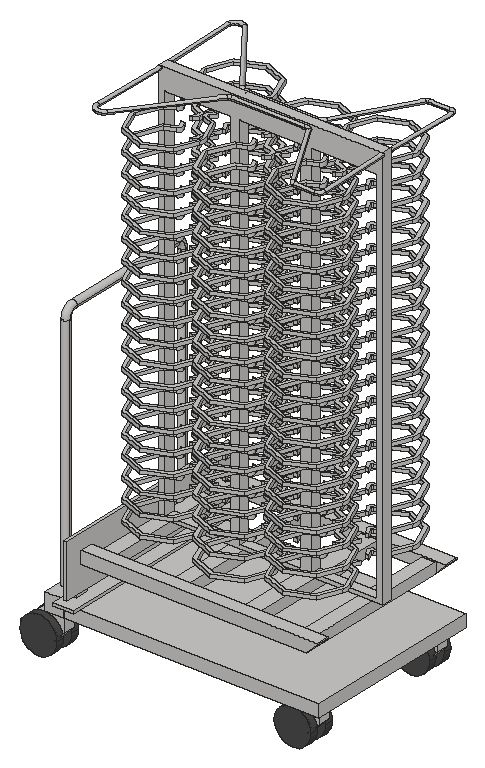
Revit family "QF_ELECTROLUXPROFESSIONAL_922764_TRBA116PL2021C", category Attrezzature speciali, Revit 2020 (continued)
Automatic sketch dimensions
  plane 14 to Extrusion 13 sketch curve = 12.573 mm
  Extrusion 13 sketch curve to Extrusion 13 sketch curve = 10.291 mm
  Extrusion 14 sketch curve to plane 29 = 0 mm
  plane 23 to Extrusion 14 sketch curve = 0 mm  (x2)
  Extrusion 14 sketch curve to plane 30 = 0 mm
  plane 30 to Extrusion 14 sketch curve = 1.038 mm
  plane 23 to Extrusion 14 sketch curve = 17.086 mm
  plane 30 to Extrusion 14 sketch curve = 38.719 mm
  Extrusion 14 sketch curve to Extrusion 14 sketch curve = 7.361 mm
  Extrusion 14 sketch curve to Extrusion 14 sketch curve = 9.865 mm
  plane 23 to Extrusion 14 sketch curve = 21.155 mm
  Extrusion 14 sketch curve to Extrusion 14 sketch curve = 10.657 mm
  Extrusion 14 sketch curve to Extrusion 14 sketch curve = 2.333 mm
  plane 23 to Extrusion 14 sketch curve = 28.29 mm
  Extrusion 14 sketch curve to Extrusion 14 sketch curve = 0.12 mm
  Extrusion 14 sketch curve to Extrusion 14 sketch curve = 1.997 mm
  Extrusion 14 sketch curve to Extrusion 14 sketch curve = 13.006 mm  (x2)
  Extrusion 14 sketch curve to plane 14 = 19.797 mm
  plane 6 to Extrusion 14 sketch curve = 48.776 mm
  Extrusion 14 sketch curve to Extrusion 14 sketch curve = 32.378 mm
  plane 29 to Extrusion 14 sketch curve = 0.677 mm
  plane 6 to Extrusion 14 sketch curve = 43.856 mm
  Extrusion 14 sketch curve to Extrusion 14 sketch curve = 8.823 mm  (x2)
  Extrusion 14 sketch curve to plane 14 = 14.327 mm
  Extrusion 14 sketch curve to Extrusion 14 sketch curve = 12.491 mm
  plane 6 to Extrusion 14 sketch curve = 12.706 mm
  plane 6 to Extrusion 14 sketch curve = 7.03 mm
  plane 6 to Extrusion 14 sketch curve = 6.775 mm
  plane 23 to Extrusion 14 sketch curve = 16.976 mm
  Extrusion 14 sketch curve to plane 30 = 40.033 mm
  Extrusion 14 sketch curve to Extrusion 14 sketch curve = 7.129 mm
  Extrusion 14 sketch curve to Extrusion 14 sketch curve = 9.801 mm
  plane 23 to Extrusion 14 sketch curve = 21.716 mm
  Extrusion 14 sketch curve to Extrusion 14 sketch curve = 10.269 mm
  plane 23 to Extrusion 14 sketch curve = 28.819 mm
  Extrusion 14 sketch curve to Extrusion 14 sketch curve = 2.378 mm
  Extrusion 14 sketch curve to Extrusion 14 sketch curve = 2.721 mm
  Extrusion 14 sketch curve to Extrusion 14 sketch curve = 1.609 mm
  Extrusion 14 sketch curve to plane 29 = 0.677 mm
  Extrusion 14 sketch curve to plane 30 = 81.177 mm
  Extrusion 14 sketch curve to Extrusion 14 sketch curve = 34.52 mm
  Extrusion 14 sketch curve to plane 14 = 23.461 mm
  Extrusion 14 sketch curve to Extrusion 14 sketch curve = 0.634 mm
  Extrusion 14 sketch curve to plane 14 = 12.859 mm
  Extrusion 14 sketch curve to Extrusion 14 sketch curve = 5.47 mm
  plane 23 to Extrusion 14 sketch curve = 44.113 mm
  Extrusion 14 sketch curve to Extrusion 14 sketch curve = 7.067 mm
  Extrusion 14 sketch curve to plane 29 = 1.889 mm
  Extrusion 14 sketch curve to Extrusion 14 sketch curve = 33.003 mm
  Extrusion 14 sketch curve to plane 29 = 16.292 mm
  Extrusion 14 sketch curve to Extrusion 14 sketch curve = 3.823 mm
  plane 29 to Extrusion 14 sketch curve = 14.321 mm
  Extrusion 14 sketch curve to Extrusion 14 sketch curve = 0.26 mm
  Extrusion 14 sketch curve to Extrusion 14 sketch curve = 0.931 mm
  Extrusion 14 sketch curve to Extrusion 14 sketch curve = 14.355 mm
  Extrusion 14 sketch curve to Extrusion 14 sketch curve = 8.956 mm
  plane 29 to Extrusion 14 sketch curve = 16.292 mm
  plane 14 to Extrusion 14 sketch curve = 12.573 mm
  Extrusion 14 sketch curve to Extrusion 14 sketch curve = 10.291 mm
  Extrusion 15 sketch curve to plane 31 = 0 mm
  plane 24 to Extrusion 15 sketch curve = 0 mm  (x2)
  Extrusion 15 sketch curve to plane 32 = 0 mm
  plane 32 to Extrusion 15 sketch curve = 1.038 mm
  Extrusion 15 sketch curve to plane 24 = 17.086 mm
  plane 32 to Extrusion 15 sketch curve = 38.719 mm
  Extrusion 15 sketch curve to Extrusion 15 sketch curve = 7.361 mm
  Extrusion 15 sketch curve to Extrusion 15 sketch curve = 9.865 mm
  Extrusion 15 sketch curve to plane 24 = 21.155 mm
  Extrusion 15 sketch curve to Extrusion 15 sketch curve = 10.657 mm
  Extrusion 15 sketch curve to Extrusion 15 sketch curve = 2.333 mm
  Extrusion 15 sketch curve to plane 24 = 28.29 mm
  Extrusion 15 sketch curve to Extrusion 15 sketch curve = 0.12 mm
  Extrusion 15 sketch curve to Extrusion 15 sketch curve = 1.997 mm
  Extrusion 15 sketch curve to Extrusion 15 sketch curve = 13.006 mm  (x2)
  plane 15 to Extrusion 15 sketch curve = 19.797 mm
  Extrusion 15 sketch curve to plane 6 = 41.061 mm
  Extrusion 15 sketch curve to Extrusion 15 sketch curve = 32.378 mm
  plane 31 to Extrusion 15 sketch curve = 0.677 mm
  Extrusion 15 sketch curve to plane 6 = 36.141 mm
  Extrusion 15 sketch curve to Extrusion 15 sketch curve = 8.823 mm  (x2)
  Extrusion 15 sketch curve to Extrusion 15 sketch curve = 12.491 mm
  Extrusion 15 sketch curve to plane 6 = 4.991 mm
  plane 6 to Extrusion 15 sketch curve = 0.685 mm
  plane 6 to Extrusion 15 sketch curve = 0.941 mm
  Extrusion 15 sketch curve to plane 24 = 16.976 mm
  Extrusion 15 sketch curve to plane 32 = 40.033 mm
  Extrusion 15 sketch curve to Extrusion 15 sketch curve = 7.129 mm
  Extrusion 15 sketch curve to Extrusion 15 sketch curve = 9.801 mm
  Extrusion 15 sketch curve to plane 24 = 21.716 mm
  Extrusion 15 sketch curve to Extrusion 15 sketch curve = 10.269 mm
  Extrusion 15 sketch curve to plane 24 = 28.819 mm
  Extrusion 15 sketch curve to Extrusion 15 sketch curve = 2.378 mm
  Extrusion 15 sketch curve to Extrusion 15 sketch curve = 2.721 mm
  Extrusion 15 sketch curve to Extrusion 15 sketch curve = 1.609 mm
  Extrusion 15 sketch curve to plane 31 = 0.677 mm
  Extrusion 15 sketch curve to plane 32 = 81.177 mm
  Extrusion 15 sketch curve to Extrusion 15 sketch curve = 34.52 mm
  plane 15 to Extrusion 15 sketch curve = 23.461 mm
  Extrusion 15 sketch curve to Extrusion 15 sketch curve = 0.634 mm
  plane 15 to Extrusion 15 sketch curve = 12.859 mm
  Extrusion 15 sketch curve to Extrusion 15 sketch curve = 5.47 mm  (x2)
  Extrusion 15 sketch curve to plane 24 = 44.113 mm
  Extrusion 15 sketch curve to Extrusion 15 sketch curve = 7.067 mm
  Extrusion 15 sketch curve to plane 31 = 1.889 mm
  Extrusion 15 sketch curve to Extrusion 15 sketch curve = 33.003 mm
  Extrusion 15 sketch curve to plane 31 = 16.292 mm
  Extrusion 15 sketch curve to Extrusion 15 sketch curve = 3.823 mm
  plane 31 to Extrusion 15 sketch curve = 14.321 mm
  Extrusion 15 sketch curve to Extrusion 15 sketch curve = 0.26 mm
  Extrusion 15 sketch curve to Extrusion 15 sketch curve = 0.931 mm
  Extrusion 15 sketch curve to Extrusion 15 sketch curve = 14.355 mm
  Extrusion 15 sketch curve to Extrusion 15 sketch curve = 8.956 mm
  plane 31 to Extrusion 15 sketch curve = 16.292 mm
  Extrusion 15 sketch curve to plane 15 = 12.573 mm
  Extrusion 15 sketch curve to Extrusion 15 sketch curve = 10.291 mm
  plane 33 to Extrusion 16 sketch curve = 0 mm
  plane 24 to Extrusion 16 sketch curve = 0 mm  (x2)
  Extrusion 16 sketch curve to plane 34 = 0 mm
  Extrusion 16 sketch curve to plane 34 = 1.038 mm
  plane 24 to Extrusion 16 sketch curve = 17.086 mm
  Extrusion 16 sketch curve to plane 34 = 38.719 mm
  Extrusion 16 sketch curve to Extrusion 16 sketch curve = 7.361 mm
  Extrusion 16 sketch curve to Extrusion 16 sketch curve = 9.865 mm
  plane 24 to Extrusion 16 sketch curve = 21.155 mm
  Extrusion 16 sketch curve to Extrusion 16 sketch curve = 10.657 mm
  Extrusion 16 sketch curve to Extrusion 16 sketch curve = 2.333 mm
  plane 24 to Extrusion 16 sketch curve = 28.29 mm
  Extrusion 16 sketch curve to Extrusion 16 sketch curve = 0.12 mm
  Extrusion 16 sketch curve to Extrusion 16 sketch curve = 1.997 mm
  Extrusion 16 sketch curve to Extrusion 16 sketch curve = 13.006 mm  (x2)
  Extrusion 16 sketch curve to plane 21 = 19.305 mm
  Extrusion 16 sketch curve to plane 21 = 17.105 mm
  Extrusion 16 sketch curve to plane 33 = 0.677 mm
  Extrusion 16 sketch curve to plane 21 = 14.385 mm
  Extrusion 16 sketch curve to plane 21 = 8.282 mm
  Extrusion 16 sketch curve to plane 21 = 6.814 mm
  plane 21 to Extrusion 16 sketch curve = 16.765 mm
  Extrusion 16 sketch curve to Extrusion 16 sketch curve = 5.676 mm
  plane 33 to Extrusion 16 sketch curve = 14.321 mm
  Extrusion 16 sketch curve to Extrusion 16 sketch curve = 5.931 mm
  plane 24 to Extrusion 16 sketch curve = 16.976 mm
  plane 34 to Extrusion 16 sketch curve = 40.033 mm
  Extrusion 16 sketch curve to Extrusion 16 sketch curve = 7.129 mm
  Extrusion 16 sketch curve to Extrusion 16 sketch curve = 9.801 mm
  plane 24 to Extrusion 16 sketch curve = 21.716 mm
  Extrusion 16 sketch curve to Extrusion 16 sketch curve = 10.269 mm
  plane 24 to Extrusion 16 sketch curve = 28.819 mm
  Extrusion 16 sketch curve to Extrusion 16 sketch curve = 2.378 mm
  Extrusion 16 sketch curve to Extrusion 16 sketch curve = 2.721 mm
  Extrusion 16 sketch curve to Extrusion 16 sketch curve = 1.609 mm
  plane 33 to Extrusion 16 sketch curve = 0.677 mm
  plane 34 to Extrusion 16 sketch curve = 81.177 mm
  Extrusion 16 sketch curve to Extrusion 16 sketch curve = 34.52 mm
  Extrusion 16 sketch curve to plane 15 = 23.461 mm
  Extrusion 16 sketch curve to Extrusion 16 sketch curve = 0.634 mm
  Extrusion 16 sketch curve to plane 15 = 12.859 mm
  Extrusion 16 sketch curve to Extrusion 16 sketch curve = 5.47 mm  (x2)
  plane 24 to Extrusion 16 sketch curve = 44.113 mm
  Extrusion 16 sketch curve to Extrusion 16 sketch curve = 7.067 mm
  plane 33 to Extrusion 16 sketch curve = 1.889 mm
  Extrusion 16 sketch curve to Extrusion 16 sketch curve = 33.003 mm
  plane 33 to Extrusion 16 sketch curve = 16.292 mm
  Extrusion 16 sketch curve to Extrusion 16 sketch curve = 3.823 mm
  Extrusion 16 sketch curve to plane 33 = 14.321 mm
  Extrusion 16 sketch curve to Extrusion 16 sketch curve = 0.26 mm
  Extrusion 16 sketch curve to Extrusion 16 sketch curve = 0.931 mm
  Extrusion 16 sketch curve to Extrusion 16 sketch curve = 14.355 mm
  Extrusion 16 sketch curve to Extrusion 16 sketch curve = 8.956 mm
  Extrusion 16 sketch curve to Extrusion 16 sketch curve = 8.823 mm
  Extrusion 16 sketch curve to plane 15 = 19.797 mm
  plane 15 to Extrusion 16 sketch curve = 12.573 mm
  Extrusion 16 sketch curve to Extrusion 16 sketch curve = 10.291 mm
  plane 35 to Extrusion 17 sketch curve = 0 mm
  plane 24 to Extrusion 17 sketch curve = 0 mm  (x2)
  Extrusion 17 sketch curve to plane 36 = 0 mm
  Extrusion 17 sketch curve to plane 36 = 1.038 mm
  plane 24 to Extrusion 17 sketch curve = 17.086 mm
  Extrusion 17 sketch curve to plane 36 = 38.719 mm
  Extrusion 17 sketch curve to Extrusion 17 sketch curve = 7.361 mm
  Extrusion 17 sketch curve to Extrusion 17 sketch curve = 9.865 mm
  plane 24 to Extrusion 17 sketch curve = 21.155 mm
  Extrusion 17 sketch curve to Extrusion 17 sketch curve = 10.657 mm
  Extrusion 17 sketch curve to Extrusion 17 sketch curve = 2.333 mm
  plane 24 to Extrusion 17 sketch curve = 28.29 mm
  Extrusion 17 sketch curve to Extrusion 17 sketch curve = 0.12 mm
  Extrusion 17 sketch curve to Extrusion 17 sketch curve = 1.997 mm
  Extrusion 17 sketch curve to Extrusion 17 sketch curve = 13.006 mm  (x2)
  Extrusion 17 sketch curve to plane 15 = 19.797 mm
  Extrusion 17 sketch curve to plane 6 = 48.776 mm
  Extrusion 17 sketch curve to Extrusion 17 sketch curve = 32.378 mm
  Extrusion 17 sketch curve to plane 35 = 0.677 mm
  Extrusion 17 sketch curve to plane 6 = 43.856 mm
  Extrusion 17 sketch curve to Extrusion 17 sketch curve = 8.823 mm  (x2)
  Extrusion 17 sketch curve to plane 15 = 14.327 mm
  Extrusion 17 sketch curve to Extrusion 17 sketch curve = 12.491 mm
  Extrusion 17 sketch curve to plane 6 = 12.706 mm
  Extrusion 17 sketch curve to plane 6 = 7.03 mm
  Extrusion 17 sketch curve to plane 6 = 6.775 mm
  plane 24 to Extrusion 17 sketch curve = 16.976 mm
  plane 36 to Extrusion 17 sketch curve = 40.033 mm
  Extrusion 17 sketch curve to Extrusion 17 sketch curve = 7.129 mm
  Extrusion 17 sketch curve to Extrusion 17 sketch curve = 9.801 mm
  plane 24 to Extrusion 17 sketch curve = 21.716 mm
  Extrusion 17 sketch curve to Extrusion 17 sketch curve = 10.269 mm
  plane 24 to Extrusion 17 sketch curve = 28.819 mm
  Extrusion 17 sketch curve to Extrusion 17 sketch curve = 2.378 mm
  Extrusion 17 sketch curve to Extrusion 17 sketch curve = 2.721 mm
  Extrusion 17 sketch curve to Extrusion 17 sketch curve = 1.609 mm
  plane 35 to Extrusion 17 sketch curve = 0.677 mm
  plane 36 to Extrusion 17 sketch curve = 81.177 mm
  Extrusion 17 sketch curve to Extrusion 17 sketch curve = 34.52 mm
  Extrusion 17 sketch curve to plane 15 = 23.461 mm
  Extrusion 17 sketch curve to Extrusion 17 sketch curve = 0.634 mm
  Extrusion 17 sketch curve to plane 15 = 12.859 mm
  Extrusion 17 sketch curve to Extrusion 17 sketch curve = 5.47 mm
  plane 24 to Extrusion 17 sketch curve = 44.113 mm
  Extrusion 17 sketch curve to Extrusion 17 sketch curve = 7.067 mm
  plane 35 to Extrusion 17 sketch curve = 1.889 mm
  Extrusion 17 sketch curve to Extrusion 17 sketch curve = 33.003 mm
  plane 35 to Extrusion 17 sketch curve = 16.292 mm
  Extrusion 17 sketch curve to Extrusion 17 sketch curve = 3.823 mm
  Extrusion 17 sketch curve to plane 35 = 14.321 mm
  Extrusion 17 sketch curve to Extrusion 17 sketch curve = 0.26 mm
  Extrusion 17 sketch curve to Extrusion 17 sketch curve = 0.931 mm
  Extrusion 17 sketch curve to Extrusion 17 sketch curve = 14.355 mm
  Extrusion 17 sketch curve to Extrusion 17 sketch curve = 8.956 mm
  Extrusion 17 sketch curve to plane 35 = 16.292 mm
  plane 15 to Extrusion 17 sketch curve = 12.573 mm
  Extrusion 17 sketch curve to Extrusion 17 sketch curve = 10.291 mm
  Extrusion 18 sketch curve to plane 37 = 0 mm
  plane 23 to Extrusion 18 sketch curve = 0 mm  (x2)
  Extrusion 18 sketch curve to plane 38 = 0 mm
  plane 38 to Extrusion 18 sketch curve = 1.038 mm
  plane 23 to Extrusion 18 sketch curve = 17.086 mm
  plane 38 to Extrusion 18 sketch curve = 38.719 mm
  Extrusion 18 sketch curve to Extrusion 18 sketch curve = 7.361 mm
  Extrusion 18 sketch curve to Extrusion 18 sketch curve = 9.865 mm
  plane 23 to Extrusion 18 sketch curve = 21.155 mm
  Extrusion 18 sketch curve to Extrusion 18 sketch curve = 10.657 mm
  Extrusion 18 sketch curve to Extrusion 18 sketch curve = 2.333 mm
  plane 23 to Extrusion 18 sketch curve = 28.29 mm
  Extrusion 18 sketch curve to Extrusion 18 sketch curve = 0.12 mm
  Extrusion 18 sketch curve to Extrusion 18 sketch curve = 1.997 mm
  Extrusion 18 sketch curve to Extrusion 18 sketch curve = 13.006 mm  (x2)
  plane 21 to Extrusion 18 sketch curve = 19.305 mm
  plane 21 to Extrusion 18 sketch curve = 17.105 mm
  plane 37 to Extrusion 18 sketch curve = 0.677 mm
  plane 21 to Extrusion 18 sketch curve = 14.385 mm
  plane 21 to Extrusion 18 sketch curve = 8.282 mm
  plane 21 to Extrusion 18 sketch curve = 6.814 mm
  Extrusion 18 sketch curve to plane 21 = 16.765 mm
  Extrusion 18 sketch curve to Extrusion 18 sketch curve = 5.676 mm
  Extrusion 18 sketch curve to plane 37 = 14.321 mm
  Extrusion 18 sketch curve to Extrusion 18 sketch curve = 5.931 mm
  plane 23 to Extrusion 18 sketch curve = 16.976 mm
  Extrusion 18 sketch curve to plane 38 = 40.033 mm
  Extrusion 18 sketch curve to Extrusion 18 sketch curve = 7.129 mm
  Extrusion 18 sketch curve to Extrusion 18 sketch curve = 9.801 mm
  plane 23 to Extrusion 18 sketch curve = 21.716 mm
  Extrusion 18 sketch curve to Extrusion 18 sketch curve = 10.269 mm
  plane 23 to Extrusion 18 sketch curve = 28.819 mm
  Extrusion 18 sketch curve to Extrusion 18 sketch curve = 2.378 mm
  Extrusion 18 sketch curve to Extrusion 18 sketch curve = 2.721 mm
  Extrusion 18 sketch curve to Extrusion 18 sketch curve = 1.609 mm
  Extrusion 18 sketch curve to plane 37 = 0.677 mm
  Extrusion 18 sketch curve to plane 38 = 81.177 mm
  Extrusion 18 sketch curve to Extrusion 18 sketch curve = 34.52 mm
  Extrusion 18 sketch curve to plane 14 = 23.461 mm
  Extrusion 18 sketch curve to Extrusion 18 sketch curve = 0.634 mm
  Extrusion 18 sketch curve to plane 14 = 12.859 mm
  Extrusion 18 sketch curve to Extrusion 18 sketch curve = 5.47 mm  (x2)
  plane 23 to Extrusion 18 sketch curve = 44.113 mm
  Extrusion 18 sketch curve to Extrusion 18 sketch curve = 7.067 mm
  Extrusion 18 sketch curve to plane 37 = 1.889 mm
  Extrusion 18 sketch curve to Extrusion 18 sketch curve = 33.003 mm
  Extrusion 18 sketch curve to plane 37 = 16.292 mm
  Extrusion 18 sketch curve to Extrusion 18 sketch curve = 3.823 mm
  plane 37 to Extrusion 18 sketch curve = 14.321 mm
  Extrusion 18 sketch curve to Extrusion 18 sketch curve = 0.26 mm
  Extrusion 18 sketch curve to Extrusion 18 sketch curve = 0.931 mm
  Extrusion 18 sketch curve to Extrusion 18 sketch curve = 14.355 mm
  Extrusion 18 sketch curve to Extrusion 18 sketch curve = 8.956 mm
  Extrusion 18 sketch curve to Extrusion 18 sketch curve = 8.823 mm
  Extrusion 18 sketch curve to plane 14 = 19.797 mm
  plane 14 to Extrusion 18 sketch curve = 12.573 mm
  Extrusion 18 sketch curve to Extrusion 18 sketch curve = 10.291 mm
  Extrusion 19 sketch curve to plane 39 = 0 mm
  plane 23 to Extrusion 19 sketch curve = 0 mm  (x2)
  Extrusion 19 sketch curve to plane 40 = 0 mm
  plane 40 to Extrusion 19 sketch curve = 1.038 mm
  plane 23 to Extrusion 19 sketch curve = 17.086 mm
  plane 40 to Extrusion 19 sketch curve = 38.719 mm
  Extrusion 19 sketch curve to Extrusion 19 sketch curve = 7.361 mm
  Extrusion 19 sketch curve to Extrusion 19 sketch curve = 9.865 mm
  plane 23 to Extrusion 19 sketch curve = 21.155 mm
  Extrusion 19 sketch curve to Extrusion 19 sketch curve = 10.657 mm
  Extrusion 19 sketch curve to Extrusion 19 sketch curve = 2.333 mm
  plane 23 to Extrusion 19 sketch curve = 28.29 mm
  Extrusion 19 sketch curve to Extrusion 19 sketch curve = 0.12 mm
  Extrusion 19 sketch curve to Extrusion 19 sketch curve = 1.997 mm
  Extrusion 19 sketch curve to Extrusion 19 sketch curve = 13.006 mm  (x2)
  Extrusion 19 sketch curve to plane 14 = 19.797 mm
  plane 6 to Extrusion 19 sketch curve = 48.776 mm
  Extrusion 19 sketch curve to Extrusion 19 sketch curve = 32.378 mm
  plane 39 to Extrusion 19 sketch curve = 0.677 mm
  plane 6 to Extrusion 19 sketch curve = 43.856 mm
  Extrusion 19 sketch curve to Extrusion 19 sketch curve = 8.823 mm  (x2)
  Extrusion 19 sketch curve to plane 14 = 14.327 mm
  Extrusion 19 sketch curve to Extrusion 19 sketch curve = 12.491 mm
  plane 6 to Extrusion 19 sketch curve = 12.706 mm
  plane 6 to Extrusion 19 sketch curve = 7.03 mm
  plane 6 to Extrusion 19 sketch curve = 6.775 mm
  plane 23 to Extrusion 19 sketch curve = 16.976 mm
  Extrusion 19 sketch curve to plane 40 = 40.033 mm
  Extrusion 19 sketch curve to Extrusion 19 sketch curve = 7.129 mm
  Extrusion 19 sketch curve to Extrusion 19 sketch curve = 9.801 mm
  plane 23 to Extrusion 19 sketch curve = 21.716 mm
  Extrusion 19 sketch curve to Extrusion 19 sketch curve = 10.269 mm
  plane 23 to Extrusion 19 sketch curve = 28.819 mm
  Extrusion 19 sketch curve to Extrusion 19 sketch curve = 2.378 mm
  Extrusion 19 sketch curve to Extrusion 19 sketch curve = 2.721 mm
  Extrusion 19 sketch curve to Extrusion 19 sketch curve = 1.609 mm
  Extrusion 19 sketch curve to plane 39 = 0.677 mm
  Extrusion 19 sketch curve to plane 40 = 81.177 mm
  Extrusion 19 sketch curve to Extrusion 19 sketch curve = 34.52 mm
  Extrusion 19 sketch curve to plane 14 = 23.461 mm
  Extrusion 19 sketch curve to Extrusion 19 sketch curve = 0.634 mm
  Extrusion 19 sketch curve to plane 14 = 12.859 mm
  Extrusion 19 sketch curve to Extrusion 19 sketch curve = 5.47 mm
  plane 23 to Extrusion 19 sketch curve = 44.113 mm
  Extrusion 19 sketch curve to Extrusion 19 sketch curve = 7.067 mm
  Extrusion 19 sketch curve to plane 39 = 1.889 mm
  Extrusion 19 sketch curve to Extrusion 19 sketch curve = 33.003 mm
  Extrusion 19 sketch curve to plane 39 = 16.292 mm
  Extrusion 19 sketch curve to Extrusion 19 sketch curve = 3.823 mm
  plane 39 to Extrusion 19 sketch curve = 14.321 mm
  Extrusion 19 sketch curve to Extrusion 19 sketch curve = 0.26 mm
  Extrusion 19 sketch curve to Extrusion 19 sketch curve = 0.931 mm
  Extrusion 19 sketch curve to Extrusion 19 sketch curve = 14.355 mm
  Extrusion 19 sketch curve to Extrusion 19 sketch curve = 8.956 mm
  plane 39 to Extrusion 19 sketch curve = 16.292 mm
  plane 14 to Extrusion 19 sketch curve = 12.573 mm
  Extrusion 19 sketch curve to Extrusion 19 sketch curve = 10.291 mm
  plane 41 to Extrusion 20 sketch curve = 0 mm
  plane 24 to Extrusion 20 sketch curve = 0 mm  (x2)
  Extrusion 20 sketch curve to plane 42 = 0 mm
  Extrusion 20 sketch curve to plane 42 = 1.038 mm
  plane 24 to Extrusion 20 sketch curve = 17.086 mm
  Extrusion 20 sketch curve to plane 42 = 38.719 mm
  Extrusion 20 sketch curve to Extrusion 20 sketch curve = 7.361 mm
  Extrusion 20 sketch curve to Extrusion 20 sketch curve = 9.865 mm
  plane 24 to Extrusion 20 sketch curve = 21.155 mm
  Extrusion 20 sketch curve to Extrusion 20 sketch curve = 10.657 mm
  Extrusion 20 sketch curve to Extrusion 20 sketch curve = 2.333 mm
  plane 24 to Extrusion 20 sketch curve = 28.29 mm
  Extrusion 20 sketch curve to Extrusion 20 sketch curve = 0.12 mm
  Extrusion 20 sketch curve to Extrusion 20 sketch curve = 1.997 mm
  Extrusion 20 sketch curve to Extrusion 20 sketch curve = 13.006 mm  (x2)
  Extrusion 20 sketch curve to plane 21 = 19.305 mm
  Extrusion 20 sketch curve to plane 21 = 17.105 mm
  Extrusion 20 sketch curve to plane 41 = 0.677 mm
  Extrusion 20 sketch curve to plane 21 = 14.385 mm
  Extrusion 20 sketch curve to plane 21 = 8.282 mm
  Extrusion 20 sketch curve to plane 21 = 6.814 mm
  plane 21 to Extrusion 20 sketch curve = 16.765 mm
  Extrusion 20 sketch curve to Extrusion 20 sketch curve = 5.676 mm
  plane 41 to Extrusion 20 sketch curve = 14.321 mm
  Extrusion 20 sketch curve to Extrusion 20 sketch curve = 5.931 mm
  plane 24 to Extrusion 20 sketch curve = 16.976 mm
  plane 42 to Extrusion 20 sketch curve = 40.033 mm
  Extrusion 20 sketch curve to Extrusion 20 sketch curve = 7.129 mm
  Extrusion 20 sketch curve to Extrusion 20 sketch curve = 9.801 mm
  plane 24 to Extrusion 20 sketch curve = 21.716 mm
  Extrusion 20 sketch curve to Extrusion 20 sketch curve = 10.269 mm
  plane 24 to Extrusion 20 sketch curve = 28.819 mm
  Extrusion 20 sketch curve to Extrusion 20 sketch curve = 2.378 mm
  Extrusion 20 sketch curve to Extrusion 20 sketch curve = 2.721 mm
  Extrusion 20 sketch curve to Extrusion 20 sketch curve = 1.609 mm
  plane 41 to Extrusion 20 sketch curve = 0.677 mm
  plane 42 to Extrusion 20 sketch curve = 81.177 mm
  Extrusion 20 sketch curve to Extrusion 20 sketch curve = 34.52 mm
  Extrusion 20 sketch curve to plane 15 = 23.461 mm
  Extrusion 20 sketch curve to Extrusion 20 sketch curve = 0.634 mm
  Extrusion 20 sketch curve to plane 15 = 12.859 mm
  Extrusion 20 sketch curve to Extrusion 20 sketch curve = 5.47 mm  (x2)
  plane 24 to Extrusion 20 sketch curve = 44.113 mm
  Extrusion 20 sketch curve to Extrusion 20 sketch curve = 7.067 mm
  plane 41 to Extrusion 20 sketch curve = 1.889 mm
  Extrusion 20 sketch curve to Extrusion 20 sketch curve = 33.003 mm
  plane 41 to Extrusion 20 sketch curve = 16.292 mm
  Extrusion 20 sketch curve to Extrusion 20 sketch curve = 3.823 mm
  Extrusion 20 sketch curve to plane 41 = 14.321 mm
  Extrusion 20 sketch curve to Extrusion 20 sketch curve = 0.26 mm
  Extrusion 20 sketch curve to Extrusion 20 sketch curve = 0.931 mm
  Extrusion 20 sketch curve to Extrusion 20 sketch curve = 14.355 mm
  Extrusion 20 sketch curve to Extrusion 20 sketch curve = 8.956 mm
  Extrusion 20 sketch curve to Extrusion 20 sketch curve = 8.823 mm
  Extrusion 20 sketch curve to plane 15 = 19.797 mm
  plane 15 to Extrusion 20 sketch curve = 12.573 mm
  Extrusion 20 sketch curve to Extrusion 20 sketch curve = 10.291 mm
  plane 43 to Extrusion 21 sketch curve = 0 mm
  plane 24 to Extrusion 21 sketch curve = 0 mm  (x2)
  Extrusion 21 sketch curve to plane 44 = 0 mm
  Extrusion 21 sketch curve to plane 44 = 1.038 mm
  plane 24 to Extrusion 21 sketch curve = 17.086 mm
  Extrusion 21 sketch curve to plane 44 = 38.719 mm
  Extrusion 21 sketch curve to Extrusion 21 sketch curve = 7.361 mm
  Extrusion 21 sketch curve to Extrusion 21 sketch curve = 9.865 mm
  plane 24 to Extrusion 21 sketch curve = 21.155 mm
  Extrusion 21 sketch curve to Extrusion 21 sketch curve = 10.657 mm
  Extrusion 21 sketch curve to Extrusion 21 sketch curve = 2.333 mm
  plane 24 to Extrusion 21 sketch curve = 28.29 mm
  Extrusion 21 sketch curve to Extrusion 21 sketch curve = 0.12 mm
  Extrusion 21 sketch curve to Extrusion 21 sketch curve = 1.997 mm
  Extrusion 21 sketch curve to Extrusion 21 sketch curve = 13.006 mm  (x2)
  Extrusion 21 sketch curve to plane 15 = 19.797 mm
  Extrusion 21 sketch curve to plane 6 = 48.776 mm
  Extrusion 21 sketch curve to Extrusion 21 sketch curve = 32.378 mm
  Extrusion 21 sketch curve to plane 43 = 0.677 mm
  Extrusion 21 sketch curve to plane 6 = 43.856 mm
  Extrusion 21 sketch curve to Extrusion 21 sketch curve = 8.823 mm  (x2)
  Extrusion 21 sketch curve to plane 15 = 14.327 mm
  Extrusion 21 sketch curve to Extrusion 21 sketch curve = 12.491 mm
  Extrusion 21 sketch curve to plane 6 = 12.706 mm
  Extrusion 21 sketch curve to plane 6 = 7.03 mm
  Extrusion 21 sketch curve to plane 6 = 6.775 mm
  plane 24 to Extrusion 21 sketch curve = 16.976 mm
  plane 44 to Extrusion 21 sketch curve = 40.033 mm
  Extrusion 21 sketch curve to Extrusion 21 sketch curve = 7.129 mm
  Extrusion 21 sketch curve to Extrusion 21 sketch curve = 9.801 mm
  plane 24 to Extrusion 21 sketch curve = 21.716 mm
  Extrusion 21 sketch curve to Extrusion 21 sketch curve = 10.269 mm
  plane 24 to Extrusion 21 sketch curve = 28.819 mm
  Extrusion 21 sketch curve to Extrusion 21 sketch curve = 2.378 mm
  Extrusion 21 sketch curve to Extrusion 21 sketch curve = 2.721 mm
  Extrusion 21 sketch curve to Extrusion 21 sketch curve = 1.609 mm
  plane 43 to Extrusion 21 sketch curve = 0.677 mm
  plane 44 to Extrusion 21 sketch curve = 81.177 mm
  Extrusion 21 sketch curve to Extrusion 21 sketch curve = 34.52 mm
  Extrusion 21 sketch curve to plane 15 = 23.461 mm
  Extrusion 21 sketch curve to Extrusion 21 sketch curve = 0.634 mm
  Extrusion 21 sketch curve to plane 15 = 12.859 mm
  Extrusion 21 sketch curve to Extrusion 21 sketch curve = 5.47 mm
  plane 24 to Extrusion 21 sketch curve = 44.113 mm
  Extrusion 21 sketch curve to Extrusion 21 sketch curve = 7.067 mm
  plane 43 to Extrusion 21 sketch curve = 1.889 mm
  Extrusion 21 sketch curve to Extrusion 21 sketch curve = 33.003 mm
  plane 43 to Extrusion 21 sketch curve = 16.292 mm
  Extrusion 21 sketch curve to Extrusion 21 sketch curve = 3.823 mm
  Extrusion 21 sketch curve to plane 43 = 14.321 mm
  Extrusion 21 sketch curve to Extrusion 21 sketch curve = 0.26 mm
  Extrusion 21 sketch curve to Extrusion 21 sketch curve = 0.931 mm
  Extrusion 21 sketch curve to Extrusion 21 sketch curve = 14.355 mm
  Extrusion 21 sketch curve to Extrusion 21 sketch curve = 8.956 mm
  Extrusion 21 sketch curve to plane 43 = 16.292 mm
  plane 15 to Extrusion 21 sketch curve = 12.573 mm
  Extrusion 21 sketch curve to Extrusion 21 sketch curve = 10.291 mm
  Extrusion 22 sketch curve to plane 45 = 0 mm
  plane 23 to Extrusion 22 sketch curve = 0 mm  (x2)
  Extrusion 22 sketch curve to plane 46 = 0 mm
  plane 46 to Extrusion 22 sketch curve = 1.038 mm
  plane 23 to Extrusion 22 sketch curve = 17.086 mm
  plane 46 to Extrusion 22 sketch curve = 38.719 mm
  Extrusion 22 sketch curve to Extrusion 22 sketch curve = 7.361 mm
  Extrusion 22 sketch curve to Extrusion 22 sketch curve = 9.865 mm
  plane 23 to Extrusion 22 sketch curve = 21.155 mm
  Extrusion 22 sketch curve to Extrusion 22 sketch curve = 10.657 mm
  Extrusion 22 sketch curve to Extrusion 22 sketch curve = 2.333 mm
  plane 23 to Extrusion 22 sketch curve = 28.29 mm
  Extrusion 22 sketch curve to Extrusion 22 sketch curve = 0.12 mm
  Extrusion 22 sketch curve to Extrusion 22 sketch curve = 1.997 mm
  Extrusion 22 sketch curve to Extrusion 22 sketch curve = 13.006 mm  (x2)
  plane 21 to Extrusion 22 sketch curve = 19.305 mm
  plane 21 to Extrusion 22 sketch curve = 17.105 mm
  plane 45 to Extrusion 22 sketch curve = 0.677 mm
  plane 21 to Extrusion 22 sketch curve = 14.385 mm
  plane 21 to Extrusion 22 sketch curve = 8.282 mm
  plane 21 to Extrusion 22 sketch curve = 6.814 mm
  Extrusion 22 sketch curve to plane 21 = 16.765 mm
  Extrusion 22 sketch curve to Extrusion 22 sketch curve = 5.676 mm
  Extrusion 22 sketch curve to plane 45 = 14.321 mm
  Extrusion 22 sketch curve to Extrusion 22 sketch curve = 5.931 mm
  plane 23 to Extrusion 22 sketch curve = 16.976 mm
  Extrusion 22 sketch curve to plane 46 = 40.033 mm
  Extrusion 22 sketch curve to Extrusion 22 sketch curve = 7.129 mm
  Extrusion 22 sketch curve to Extrusion 22 sketch curve = 9.801 mm
  plane 23 to Extrusion 22 sketch curve = 21.716 mm
  Extrusion 22 sketch curve to Extrusion 22 sketch curve = 10.269 mm
  plane 23 to Extrusion 22 sketch curve = 28.819 mm
  Extrusion 22 sketch curve to Extrusion 22 sketch curve = 2.378 mm
  Extrusion 22 sketch curve to Extrusion 22 sketch curve = 2.721 mm
  Extrusion 22 sketch curve to Extrusion 22 sketch curve = 1.609 mm
  Extrusion 22 sketch curve to plane 45 = 0.677 mm
  Extrusion 22 sketch curve to plane 46 = 81.177 mm
  Extrusion 22 sketch curve to Extrusion 22 sketch curve = 34.52 mm
  Extrusion 22 sketch curve to plane 14 = 23.461 mm
  Extrusion 22 sketch curve to Extrusion 22 sketch curve = 0.634 mm
  Extrusion 22 sketch curve to plane 14 = 12.859 mm
  Extrusion 22 sketch curve to Extrusion 22 sketch curve = 5.47 mm  (x2)
  plane 23 to Extrusion 22 sketch curve = 44.113 mm
  Extrusion 22 sketch curve to Extrusion 22 sketch curve = 7.067 mm
  Extrusion 22 sketch curve to plane 45 = 1.889 mm
  Extrusion 22 sketch curve to Extrusion 22 sketch curve = 33.003 mm
  Extrusion 22 sketch curve to plane 45 = 16.292 mm
  Extrusion 22 sketch curve to Extrusion 22 sketch curve = 3.823 mm
  plane 45 to Extrusion 22 sketch curve = 14.321 mm
  Extrusion 22 sketch curve to Extrusion 22 sketch curve = 0.26 mm
  Extrusion 22 sketch curve to Extrusion 22 sketch curve = 0.931 mm
  Extrusion 22 sketch curve to Extrusion 22 sketch curve = 14.355 mm
  Extrusion 22 sketch curve to Extrusion 22 sketch curve = 8.956 mm
  Extrusion 22 sketch curve to Extrusion 22 sketch curve = 8.823 mm
  Extrusion 22 sketch curve to plane 14 = 19.797 mm
  plane 14 to Extrusion 22 sketch curve = 12.573 mm
  Extrusion 22 sketch curve to Extrusion 22 sketch curve = 10.291 mm
  Extrusion 23 sketch curve to plane 47 = 0 mm
  plane 23 to Extrusion 23 sketch curve = 0 mm  (x2)
  Extrusion 23 sketch curve to plane 48 = 0 mm
  plane 48 to Extrusion 23 sketch curve = 1.038 mm
  plane 23 to Extrusion 23 sketch curve = 17.086 mm
  plane 48 to Extrusion 23 sketch curve = 38.719 mm
  Extrusion 23 sketch curve to Extrusion 23 sketch curve = 7.361 mm
  Extrusion 23 sketch curve to Extrusion 23 sketch curve = 9.865 mm
  plane 23 to Extrusion 23 sketch curve = 21.155 mm
  Extrusion 23 sketch curve to Extrusion 23 sketch curve = 10.657 mm
  Extrusion 23 sketch curve to Extrusion 23 sketch curve = 2.333 mm
  plane 23 to Extrusion 23 sketch curve = 28.29 mm
  Extrusion 23 sketch curve to Extrusion 23 sketch curve = 0.12 mm
  Extrusion 23 sketch curve to Extrusion 23 sketch curve = 1.997 mm
  Extrusion 23 sketch curve to Extrusion 23 sketch curve = 13.006 mm  (x2)
  Extrusion 23 sketch curve to plane 14 = 19.797 mm
  plane 6 to Extrusion 23 sketch curve = 48.776 mm
  Extrusion 23 sketch curve to Extrusion 23 sketch curve = 32.378 mm
  plane 47 to Extrusion 23 sketch curve = 0.677 mm
  plane 6 to Extrusion 23 sketch curve = 43.856 mm
  Extrusion 23 sketch curve to Extrusion 23 sketch curve = 8.823 mm  (x2)
  Extrusion 23 sketch curve to plane 14 = 14.327 mm
  Extrusion 23 sketch curve to Extrusion 23 sketch curve = 12.491 mm
  plane 6 to Extrusion 23 sketch curve = 12.706 mm
  plane 6 to Extrusion 23 sketch curve = 7.03 mm
  plane 6 to Extrusion 23 sketch curve = 6.775 mm
  plane 23 to Extrusion 23 sketch curve = 16.976 mm
  Extrusion 23 sketch curve to plane 48 = 40.033 mm
  Extrusion 23 sketch curve to Extrusion 23 sketch curve = 7.129 mm
  Extrusion 23 sketch curve to Extrusion 23 sketch curve = 9.801 mm
  plane 23 to Extrusion 23 sketch curve = 21.716 mm
  Extrusion 23 sketch curve to Extrusion 23 sketch curve = 10.269 mm
  plane 23 to Extrusion 23 sketch curve = 28.819 mm
  Extrusion 23 sketch curve to Extrusion 23 sketch curve = 2.378 mm
  Extrusion 23 sketch curve to Extrusion 23 sketch curve = 2.721 mm
  Extrusion 23 sketch curve to Extrusion 23 sketch curve = 1.609 mm
  Extrusion 23 sketch curve to plane 47 = 0.677 mm
  Extrusion 23 sketch curve to plane 48 = 81.177 mm
  Extrusion 23 sketch curve to Extrusion 23 sketch curve = 34.52 mm
  Extrusion 23 sketch curve to plane 14 = 23.461 mm
  Extrusion 23 sketch curve to Extrusion 23 sketch curve = 0.634 mm
  Extrusion 23 sketch curve to plane 14 = 12.859 mm
  Extrusion 23 sketch curve to Extrusion 23 sketch curve = 5.47 mm
  plane 23 to Extrusion 23 sketch curve = 44.113 mm
  Extrusion 23 sketch curve to Extrusion 23 sketch curve = 7.067 mm
  Extrusion 23 sketch curve to plane 47 = 1.889 mm
  Extrusion 23 sketch curve to Extrusion 23 sketch curve = 33.003 mm
  Extrusion 23 sketch curve to plane 47 = 16.292 mm
  Extrusion 23 sketch curve to Extrusion 23 sketch curve = 3.823 mm
  plane 47 to Extrusion 23 sketch curve = 14.321 mm
  Extrusion 23 sketch curve to Extrusion 23 sketch curve = 0.26 mm
  Extrusion 23 sketch curve to Extrusion 23 sketch curve = 0.931 mm
  Extrusion 23 sketch curve to Extrusion 23 sketch curve = 14.355 mm
  Extrusion 23 sketch curve to Extrusion 23 sketch curve = 8.956 mm
  plane 47 to Extrusion 23 sketch curve = 16.292 mm
  plane 14 to Extrusion 23 sketch curve = 12.573 mm
  Extrusion 23 sketch curve to Extrusion 23 sketch curve = 10.291 mm
  plane 49 to Extrusion 24 sketch curve = 0 mm
  plane 24 to Extrusion 24 sketch curve = 0 mm  (x2)
  Extrusion 24 sketch curve to plane 50 = 0 mm
  Extrusion 24 sketch curve to plane 50 = 1.038 mm
  plane 24 to Extrusion 24 sketch curve = 17.086 mm
  Extrusion 24 sketch curve to plane 50 = 38.719 mm
  Extrusion 24 sketch curve to Extrusion 24 sketch curve = 7.361 mm
  Extrusion 24 sketch curve to Extrusion 24 sketch curve = 9.865 mm
  plane 24 to Extrusion 24 sketch curve = 21.155 mm
  Extrusion 24 sketch curve to Extrusion 24 sketch curve = 10.657 mm
  Extrusion 24 sketch curve to Extrusion 24 sketch curve = 2.333 mm
  plane 24 to Extrusion 24 sketch curve = 28.29 mm
  Extrusion 24 sketch curve to Extrusion 24 sketch curve = 0.12 mm
  Extrusion 24 sketch curve to Extrusion 24 sketch curve = 1.997 mm
  Extrusion 24 sketch curve to Extrusion 24 sketch curve = 13.006 mm  (x2)
  Extrusion 24 sketch curve to plane 21 = 19.305 mm
  Extrusion 24 sketch curve to plane 21 = 17.105 mm
  Extrusion 24 sketch curve to plane 49 = 0.677 mm
  Extrusion 24 sketch curve to plane 21 = 14.385 mm
  Extrusion 24 sketch curve to plane 21 = 8.282 mm
  Extrusion 24 sketch curve to plane 21 = 6.814 mm
  plane 21 to Extrusion 24 sketch curve = 16.765 mm
  Extrusion 24 sketch curve to Extrusion 24 sketch curve = 5.676 mm
  plane 49 to Extrusion 24 sketch curve = 14.321 mm
  Extrusion 24 sketch curve to Extrusion 24 sketch curve = 5.931 mm
  plane 24 to Extrusion 24 sketch curve = 16.976 mm
  plane 50 to Extrusion 24 sketch curve = 40.033 mm
  Extrusion 24 sketch curve to Extrusion 24 sketch curve = 7.129 mm
  Extrusion 24 sketch curve to Extrusion 24 sketch curve = 9.801 mm
  plane 24 to Extrusion 24 sketch curve = 21.716 mm
  Extrusion 24 sketch curve to Extrusion 24 sketch curve = 10.269 mm
  plane 24 to Extrusion 24 sketch curve = 28.819 mm
  Extrusion 24 sketch curve to Extrusion 24 sketch curve = 2.378 mm
  Extrusion 24 sketch curve to Extrusion 24 sketch curve = 2.721 mm
  Extrusion 24 sketch curve to Extrusion 24 sketch curve = 1.609 mm
  plane 49 to Extrusion 24 sketch curve = 0.677 mm
  plane 50 to Extrusion 24 sketch curve = 81.177 mm
  Extrusion 24 sketch curve to Extrusion 24 sketch curve = 34.52 mm
  Extrusion 24 sketch curve to plane 15 = 23.461 mm
  Extrusion 24 sketch curve to Extrusion 24 sketch curve = 0.634 mm
  Extrusion 24 sketch curve to plane 15 = 12.859 mm
  Extrusion 24 sketch curve to Extrusion 24 sketch curve = 5.47 mm  (x2)
  plane 24 to Extrusion 24 sketch curve = 44.113 mm
  Extrusion 24 sketch curve to Extrusion 24 sketch curve = 7.067 mm
  plane 49 to Extrusion 24 sketch curve = 1.889 mm
  Extrusion 24 sketch curve to Extrusion 24 sketch curve = 33.003 mm
  plane 49 to Extrusion 24 sketch curve = 16.292 mm
  Extrusion 24 sketch curve to Extrusion 24 sketch curve = 3.823 mm
  Extrusion 24 sketch curve to plane 49 = 14.321 mm
  Extrusion 24 sketch curve to Extrusion 24 sketch curve = 0.26 mm
  Extrusion 24 sketch curve to Extrusion 24 sketch curve = 0.931 mm
  Extrusion 24 sketch curve to Extrusion 24 sketch curve = 14.355 mm
  Extrusion 24 sketch curve to Extrusion 24 sketch curve = 8.956 mm
  Extrusion 24 sketch curve to Extrusion 24 sketch curve = 8.823 mm
  Extrusion 24 sketch curve to plane 15 = 19.797 mm
  plane 15 to Extrusion 24 sketch curve = 12.573 mm
  Extrusion 24 sketch curve to Extrusion 24 sketch curve = 10.291 mm
  plane 51 to Extrusion 25 sketch curve = 0 mm
  plane 24 to Extrusion 25 sketch curve = 0 mm  (x2)
  Extrusion 25 sketch curve to plane 52 = 0 mm
  Extrusion 25 sketch curve to plane 52 = 1.038 mm
  plane 24 to Extrusion 25 sketch curve = 17.086 mm
  Extrusion 25 sketch curve to plane 52 = 38.719 mm
  Extrusion 25 sketch curve to Extrusion 25 sketch curve = 7.361 mm
  Extrusion 25 sketch curve to Extrusion 25 sketch curve = 9.865 mm
  plane 24 to Extrusion 25 sketch curve = 21.155 mm
  Extrusion 25 sketch curve to Extrusion 25 sketch curve = 10.657 mm
  Extrusion 25 sketch curve to Extrusion 25 sketch curve = 2.333 mm
  plane 24 to Extrusion 25 sketch curve = 28.29 mm
  Extrusion 25 sketch curve to Extrusion 25 sketch curve = 0.12 mm
  Extrusion 25 sketch curve to Extrusion 25 sketch curve = 1.997 mm
  Extrusion 25 sketch curve to Extrusion 25 sketch curve = 13.006 mm  (x2)
  Extrusion 25 sketch curve to plane 15 = 19.797 mm
  Extrusion 25 sketch curve to plane 6 = 48.776 mm
  Extrusion 25 sketch curve to Extrusion 25 sketch curve = 32.378 mm
  Extrusion 25 sketch curve to plane 51 = 0.677 mm
  Extrusion 25 sketch curve to plane 6 = 43.856 mm
  Extrusion 25 sketch curve to Extrusion 25 sketch curve = 8.823 mm  (x2)
  Extrusion 25 sketch curve to plane 15 = 14.327 mm
  Extrusion 25 sketch curve to Extrusion 25 sketch curve = 12.491 mm
  Extrusion 25 sketch curve to plane 6 = 12.706 mm
  Extrusion 25 sketch curve to plane 6 = 7.03 mm
  Extrusion 25 sketch curve to plane 6 = 6.775 mm
  plane 24 to Extrusion 25 sketch curve = 16.976 mm
  plane 52 to Extrusion 25 sketch curve = 40.033 mm
  Extrusion 25 sketch curve to Extrusion 25 sketch curve = 7.129 mm
  Extrusion 25 sketch curve to Extrusion 25 sketch curve = 9.801 mm
  plane 24 to Extrusion 25 sketch curve = 21.716 mm
  Extrusion 25 sketch curve to Extrusion 25 sketch curve = 10.269 mm
  plane 24 to Extrusion 25 sketch curve = 28.819 mm
  Extrusion 25 sketch curve to Extrusion 25 sketch curve = 2.378 mm
  Extrusion 25 sketch curve to Extrusion 25 sketch curve = 2.721 mm
  Extrusion 25 sketch curve to Extrusion 25 sketch curve = 1.609 mm
  plane 51 to Extrusion 25 sketch curve = 0.677 mm
  plane 52 to Extrusion 25 sketch curve = 81.177 mm
  Extrusion 25 sketch curve to Extrusion 25 sketch curve = 34.52 mm
  Extrusion 25 sketch curve to plane 15 = 23.461 mm
  Extrusion 25 sketch curve to Extrusion 25 sketch curve = 0.634 mm
  Extrusion 25 sketch curve to plane 15 = 12.859 mm
  Extrusion 25 sketch curve to Extrusion 25 sketch curve = 5.47 mm
  plane 24 to Extrusion 25 sketch curve = 44.113 mm
  Extrusion 25 sketch curve to Extrusion 25 sketch curve = 7.067 mm
  plane 51 to Extrusion 25 sketch curve = 1.889 mm
  Extrusion 25 sketch curve to Extrusion 25 sketch curve = 33.003 mm
  plane 51 to Extrusion 25 sketch curve = 16.292 mm
  Extrusion 25 sketch curve to Extrusion 25 sketch curve = 3.823 mm
  Extrusion 25 sketch curve to plane 51 = 14.321 mm
  Extrusion 25 sketch curve to Extrusion 25 sketch curve = 0.26 mm
  Extrusion 25 sketch curve to Extrusion 25 sketch curve = 0.931 mm
  Extrusion 25 sketch curve to Extrusion 25 sketch curve = 14.355 mm
  Extrusion 25 sketch curve to Extrusion 25 sketch curve = 8.956 mm
  Extrusion 25 sketch curve to plane 51 = 16.292 mm
  plane 15 to Extrusion 25 sketch curve = 12.573 mm
  Extrusion 25 sketch curve to Extrusion 25 sketch curve = 10.291 mm
  Extrusion 26 sketch curve to plane 53 = 0 mm
  plane 23 to Extrusion 26 sketch curve = 0 mm  (x2)
  Extrusion 26 sketch curve to plane 54 = 0 mm
  plane 54 to Extrusion 26 sketch curve = 1.038 mm
  plane 23 to Extrusion 26 sketch curve = 17.086 mm
  plane 54 to Extrusion 26 sketch curve = 38.719 mm
  Extrusion 26 sketch curve to Extrusion 26 sketch curve = 7.361 mm
  Extrusion 26 sketch curve to Extrusion 26 sketch curve = 9.865 mm
  plane 23 to Extrusion 26 sketch curve = 21.155 mm
  Extrusion 26 sketch curve to Extrusion 26 sketch curve = 10.657 mm
  Extrusion 26 sketch curve to Extrusion 26 sketch curve = 2.333 mm
  plane 23 to Extrusion 26 sketch curve = 28.29 mm
  Extrusion 26 sketch curve to Extrusion 26 sketch curve = 0.12 mm
  Extrusion 26 sketch curve to Extrusion 26 sketch curve = 1.997 mm
  Extrusion 26 sketch curve to Extrusion 26 sketch curve = 13.006 mm  (x2)
  plane 21 to Extrusion 26 sketch curve = 19.305 mm
  plane 21 to Extrusion 26 sketch curve = 17.105 mm
  plane 53 to Extrusion 26 sketch curve = 0.677 mm
  plane 21 to Extrusion 26 sketch curve = 14.385 mm
  plane 21 to Extrusion 26 sketch curve = 8.282 mm
  plane 21 to Extrusion 26 sketch curve = 6.814 mm
  Extrusion 26 sketch curve to plane 21 = 16.765 mm
  Extrusion 26 sketch curve to Extrusion 26 sketch curve = 5.676 mm
  Extrusion 26 sketch curve to plane 53 = 14.321 mm
  Extrusion 26 sketch curve to Extrusion 26 sketch curve = 5.931 mm
  plane 23 to Extrusion 26 sketch curve = 16.976 mm
  Extrusion 26 sketch curve to plane 54 = 40.033 mm
  Extrusion 26 sketch curve to Extrusion 26 sketch curve = 7.129 mm
  Extrusion 26 sketch curve to Extrusion 26 sketch curve = 9.801 mm
  plane 23 to Extrusion 26 sketch curve = 21.716 mm
  Extrusion 26 sketch curve to Extrusion 26 sketch curve = 10.269 mm
  plane 23 to Extrusion 26 sketch curve = 28.819 mm
  Extrusion 26 sketch curve to Extrusion 26 sketch curve = 2.378 mm
  Extrusion 26 sketch curve to Extrusion 26 sketch curve = 2.721 mm
  Extrusion 26 sketch curve to Extrusion 26 sketch curve = 1.609 mm
  Extrusion 26 sketch curve to plane 53 = 0.677 mm
  Extrusion 26 sketch curve to plane 54 = 81.177 mm
  Extrusion 26 sketch curve to Extrusion 26 sketch curve = 34.52 mm
  Extrusion 26 sketch curve to plane 14 = 23.461 mm
  Extrusion 26 sketch curve to Extrusion 26 sketch curve = 0.634 mm
  Extrusion 26 sketch curve to plane 14 = 12.859 mm
  Extrusion 26 sketch curve to Extrusion 26 sketch curve = 5.47 mm  (x2)
  plane 23 to Extrusion 26 sketch curve = 44.113 mm
  Extrusion 26 sketch curve to Extrusion 26 sketch curve = 7.067 mm
  Extrusion 26 sketch curve to plane 53 = 1.889 mm
  Extrusion 26 sketch curve to Extrusion 26 sketch curve = 33.003 mm
  Extrusion 26 sketch curve to plane 53 = 16.292 mm
  Extrusion 26 sketch curve to Extrusion 26 sketch curve = 3.823 mm
  plane 53 to Extrusion 26 sketch curve = 14.321 mm
  Extrusion 26 sketch curve to Extrusion 26 sketch curve = 0.26 mm
  Extrusion 26 sketch curve to Extrusion 26 sketch curve = 0.931 mm
  Extrusion 26 sketch curve to Extrusion 26 sketch curve = 14.355 mm
  Extrusion 26 sketch curve to Extrusion 26 sketch curve = 8.956 mm
  Extrusion 26 sketch curve to Extrusion 26 sketch curve = 8.823 mm
  Extrusion 26 sketch curve to plane 14 = 19.797 mm
  plane 14 to Extrusion 26 sketch curve = 12.573 mm
  Extrusion 26 sketch curve to Extrusion 26 sketch curve = 10.291 mm
  Extrusion 27 sketch curve to plane 55 = 0 mm
  plane 23 to Extrusion 27 sketch curve = 0 mm  (x2)
  Extrusion 27 sketch curve to plane 56 = 0 mm
  plane 56 to Extrusion 27 sketch curve = 1.038 mm
  plane 23 to Extrusion 27 sketch curve = 17.086 mm
  plane 56 to Extrusion 27 sketch curve = 38.719 mm
  Extrusion 27 sketch curve to Extrusion 27 sketch curve = 7.361 mm
  Extrusion 27 sketch curve to Extrusion 27 sketch curve = 9.865 mm
  plane 23 to Extrusion 27 sketch curve = 21.155 mm
  Extrusion 27 sketch curve to Extrusion 27 sketch curve = 10.657 mm
  Extrusion 27 sketch curve to Extrusion 27 sketch curve = 2.333 mm
  plane 23 to Extrusion 27 sketch curve = 28.29 mm
  Extrusion 27 sketch curve to Extrusion 27 sketch curve = 0.12 mm
  Extrusion 27 sketch curve to Extrusion 27 sketch curve = 1.997 mm
  Extrusion 27 sketch curve to Extrusion 27 sketch curve = 13.006 mm  (x2)
  Extrusion 27 sketch curve to plane 14 = 19.797 mm
  plane 6 to Extrusion 27 sketch curve = 48.776 mm
  Extrusion 27 sketch curve to Extrusion 27 sketch curve = 32.378 mm
  plane 55 to Extrusion 27 sketch curve = 0.677 mm
  plane 6 to Extrusion 27 sketch curve = 43.856 mm
  Extrusion 27 sketch curve to Extrusion 27 sketch curve = 8.823 mm  (x2)
  Extrusion 27 sketch curve to plane 14 = 14.327 mm
  Extrusion 27 sketch curve to Extrusion 27 sketch curve = 12.491 mm
  plane 6 to Extrusion 27 sketch curve = 12.706 mm
  plane 6 to Extrusion 27 sketch curve = 7.03 mm
  plane 6 to Extrusion 27 sketch curve = 6.775 mm
  plane 23 to Extrusion 27 sketch curve = 16.976 mm
  Extrusion 27 sketch curve to plane 56 = 40.033 mm
  Extrusion 27 sketch curve to Extrusion 27 sketch curve = 7.129 mm
  Extrusion 27 sketch curve to Extrusion 27 sketch curve = 9.801 mm
  plane 23 to Extrusion 27 sketch curve = 21.716 mm
  Extrusion 27 sketch curve to Extrusion 27 sketch curve = 10.269 mm
  plane 23 to Extrusion 27 sketch curve = 28.819 mm
  Extrusion 27 sketch curve to Extrusion 27 sketch curve = 2.378 mm
  Extrusion 27 sketch curve to Extrusion 27 sketch curve = 2.721 mm
  Extrusion 27 sketch curve to Extrusion 27 sketch curve = 1.609 mm
  Extrusion 27 sketch curve to plane 55 = 0.677 mm
  Extrusion 27 sketch curve to plane 56 = 81.177 mm
  Extrusion 27 sketch curve to Extrusion 27 sketch curve = 34.52 mm
  Extrusion 27 sketch curve to plane 14 = 23.461 mm
  Extrusion 27 sketch curve to Extrusion 27 sketch curve = 0.634 mm
  Extrusion 27 sketch curve to plane 14 = 12.859 mm
  Extrusion 27 sketch curve to Extrusion 27 sketch curve = 5.47 mm
  plane 23 to Extrusion 27 sketch curve = 44.113 mm
  Extrusion 27 sketch curve to Extrusion 27 sketch curve = 7.067 mm
  Extrusion 27 sketch curve to plane 55 = 1.889 mm
  Extrusion 27 sketch curve to Extrusion 27 sketch curve = 33.003 mm
  Extrusion 27 sketch curve to plane 55 = 16.292 mm
  Extrusion 27 sketch curve to Extrusion 27 sketch curve = 3.823 mm
  plane 55 to Extrusion 27 sketch curve = 14.321 mm
  Extrusion 27 sketch curve to Extrusion 27 sketch curve = 0.26 mm
  Extrusion 27 sketch curve to Extrusion 27 sketch curve = 0.931 mm
  Extrusion 27 sketch curve to Extrusion 27 sketch curve = 14.355 mm
  Extrusion 27 sketch curve to Extrusion 27 sketch curve = 8.956 mm
  plane 55 to Extrusion 27 sketch curve = 16.292 mm
  plane 14 to Extrusion 27 sketch curve = 12.573 mm
  Extrusion 27 sketch curve to Extrusion 27 sketch curve = 10.291 mm
  plane 57 to Extrusion 28 sketch curve = 0 mm
  plane 24 to Extrusion 28 sketch curve = 0 mm  (x2)
  Extrusion 28 sketch curve to plane 58 = 0 mm
  Extrusion 28 sketch curve to plane 58 = 1.038 mm
  plane 24 to Extrusion 28 sketch curve = 17.086 mm
  Extrusion 28 sketch curve to plane 58 = 38.719 mm
  Extrusion 28 sketch curve to Extrusion 28 sketch curve = 7.361 mm
  Extrusion 28 sketch curve to Extrusion 28 sketch curve = 9.865 mm
  plane 24 to Extrusion 28 sketch curve = 21.155 mm
  Extrusion 28 sketch curve to Extrusion 28 sketch curve = 10.657 mm
  Extrusion 28 sketch curve to Extrusion 28 sketch curve = 2.333 mm
  plane 24 to Extrusion 28 sketch curve = 28.29 mm
  Extrusion 28 sketch curve to Extrusion 28 sketch curve = 0.12 mm
  Extrusion 28 sketch curve to Extrusion 28 sketch curve = 1.997 mm
  Extrusion 28 sketch curve to Extrusion 28 sketch curve = 13.006 mm  (x2)
  Extrusion 28 sketch curve to plane 21 = 19.305 mm
  Extrusion 28 sketch curve to plane 21 = 17.105 mm
  Extrusion 28 sketch curve to plane 57 = 0.677 mm
  Extrusion 28 sketch curve to plane 21 = 14.385 mm
  Extrusion 28 sketch curve to plane 21 = 8.282 mm
  Extrusion 28 sketch curve to plane 21 = 6.814 mm
  plane 21 to Extrusion 28 sketch curve = 16.765 mm
  Extrusion 28 sketch curve to Extrusion 28 sketch curve = 5.676 mm
  plane 57 to Extrusion 28 sketch curve = 14.321 mm
  Extrusion 28 sketch curve to Extrusion 28 sketch curve = 5.931 mm
  plane 24 to Extrusion 28 sketch curve = 16.976 mm
  plane 58 to Extrusion 28 sketch curve = 40.033 mm
  Extrusion 28 sketch curve to Extrusion 28 sketch curve = 7.129 mm
  Extrusion 28 sketch curve to Extrusion 28 sketch curve = 9.801 mm
  plane 24 to Extrusion 28 sketch curve = 21.716 mm
  Extrusion 28 sketch curve to Extrusion 28 sketch curve = 10.269 mm
  plane 24 to Extrusion 28 sketch curve = 28.819 mm
  Extrusion 28 sketch curve to Extrusion 28 sketch curve = 2.378 mm
  Extrusion 28 sketch curve to Extrusion 28 sketch curve = 2.721 mm
  Extrusion 28 sketch curve to Extrusion 28 sketch curve = 1.609 mm
  plane 57 to Extrusion 28 sketch curve = 0.677 mm
  plane 58 to Extrusion 28 sketch curve = 81.177 mm
  Extrusion 28 sketch curve to Extrusion 28 sketch curve = 34.52 mm
  Extrusion 28 sketch curve to plane 15 = 23.461 mm
  Extrusion 28 sketch curve to Extrusion 28 sketch curve = 0.634 mm
  Extrusion 28 sketch curve to plane 15 = 12.859 mm
  Extrusion 28 sketch curve to Extrusion 28 sketch curve = 5.47 mm  (x2)
  plane 24 to Extrusion 28 sketch curve = 44.113 mm
  Extrusion 28 sketch curve to Extrusion 28 sketch curve = 7.067 mm
  plane 57 to Extrusion 28 sketch curve = 1.889 mm
  Extrusion 28 sketch curve to Extrusion 28 sketch curve = 33.003 mm
  plane 57 to Extrusion 28 sketch curve = 16.292 mm
  Extrusion 28 sketch curve to Extrusion 28 sketch curve = 3.823 mm
  Extrusion 28 sketch curve to plane 57 = 14.321 mm
  Extrusion 28 sketch curve to Extrusion 28 sketch curve = 0.26 mm
  Extrusion 28 sketch curve to Extrusion 28 sketch curve = 0.931 mm
  Extrusion 28 sketch curve to Extrusion 28 sketch curve = 14.355 mm
  Extrusion 28 sketch curve to Extrusion 28 sketch curve = 8.956 mm
  Extrusion 28 sketch curve to Extrusion 28 sketch curve = 8.823 mm
  Extrusion 28 sketch curve to plane 15 = 19.797 mm
  plane 15 to Extrusion 28 sketch curve = 12.573 mm
  Extrusion 28 sketch curve to Extrusion 28 sketch curve = 10.291 mm
  plane 59 to Extrusion 29 sketch curve = 0 mm
  plane 24 to Extrusion 29 sketch curve = 0 mm  (x2)
  Extrusion 29 sketch curve to plane 60 = 0 mm
  Extrusion 29 sketch curve to plane 60 = 1.038 mm
  plane 24 to Extrusion 29 sketch curve = 17.086 mm
  Extrusion 29 sketch curve to plane 60 = 38.719 mm
  Extrusion 29 sketch curve to Extrusion 29 sketch curve = 7.361 mm
  Extrusion 29 sketch curve to Extrusion 29 sketch curve = 9.865 mm
  plane 24 to Extrusion 29 sketch curve = 21.155 mm
  Extrusion 29 sketch curve to Extrusion 29 sketch curve = 10.657 mm
  Extrusion 29 sketch curve to Extrusion 29 sketch curve = 2.333 mm
  plane 24 to Extrusion 29 sketch curve = 28.29 mm
  Extrusion 29 sketch curve to Extrusion 29 sketch curve = 0.12 mm
  Extrusion 29 sketch curve to Extrusion 29 sketch curve = 1.997 mm
  Extrusion 29 sketch curve to Extrusion 29 sketch curve = 13.006 mm  (x2)
  Extrusion 29 sketch curve to plane 15 = 19.797 mm
  Extrusion 29 sketch curve to plane 6 = 48.776 mm
  Extrusion 29 sketch curve to Extrusion 29 sketch curve = 32.378 mm
  Extrusion 29 sketch curve to plane 59 = 0.677 mm
  Extrusion 29 sketch curve to plane 6 = 43.856 mm
  Extrusion 29 sketch curve to Extrusion 29 sketch curve = 8.823 mm  (x2)
  Extrusion 29 sketch curve to plane 15 = 14.327 mm
  Extrusion 29 sketch curve to Extrusion 29 sketch curve = 12.491 mm
  Extrusion 29 sketch curve to plane 6 = 12.706 mm
  Extrusion 29 sketch curve to plane 6 = 7.03 mm
  Extrusion 29 sketch curve to plane 6 = 6.775 mm
  plane 24 to Extrusion 29 sketch curve = 16.976 mm
  plane 60 to Extrusion 29 sketch curve = 40.033 mm
  Extrusion 29 sketch curve to Extrusion 29 sketch curve = 7.129 mm
  Extrusion 29 sketch curve to Extrusion 29 sketch curve = 9.801 mm
  plane 24 to Extrusion 29 sketch curve = 21.716 mm
  Extrusion 29 sketch curve to Extrusion 29 sketch curve = 10.269 mm
  plane 24 to Extrusion 29 sketch curve = 28.819 mm
  Extrusion 29 sketch curve to Extrusion 29 sketch curve = 2.378 mm
  Extrusion 29 sketch curve to Extrusion 29 sketch curve = 2.721 mm
  Extrusion 29 sketch curve to Extrusion 29 sketch curve = 1.609 mm
  plane 59 to Extrusion 29 sketch curve = 0.677 mm
  plane 60 to Extrusion 29 sketch curve = 81.177 mm
  Extrusion 29 sketch curve to Extrusion 29 sketch curve = 34.52 mm
  Extrusion 29 sketch curve to plane 15 = 23.461 mm
  Extrusion 29 sketch curve to Extrusion 29 sketch curve = 0.634 mm
  Extrusion 29 sketch curve to plane 15 = 12.859 mm
  Extrusion 29 sketch curve to Extrusion 29 sketch curve = 5.47 mm
  plane 24 to Extrusion 29 sketch curve = 44.113 mm
  Extrusion 29 sketch curve to Extrusion 29 sketch curve = 7.067 mm
  plane 59 to Extrusion 29 sketch curve = 1.889 mm
  Extrusion 29 sketch curve to Extrusion 29 sketch curve = 33.003 mm
  plane 59 to Extrusion 29 sketch curve = 16.292 mm
  Extrusion 29 sketch curve to Extrusion 29 sketch curve = 3.823 mm
  Extrusion 29 sketch curve to plane 59 = 14.321 mm
  Extrusion 29 sketch curve to Extrusion 29 sketch curve = 0.26 mm
  Extrusion 29 sketch curve to Extrusion 29 sketch curve = 0.931 mm
  Extrusion 29 sketch curve to Extrusion 29 sketch curve = 14.355 mm
  Extrusion 29 sketch curve to Extrusion 29 sketch curve = 8.956 mm
  Extrusion 29 sketch curve to plane 59 = 16.292 mm
  plane 15 to Extrusion 29 sketch curve = 12.573 mm
  Extrusion 29 sketch curve to Extrusion 29 sketch curve = 10.291 mm
  Extrusion 30 sketch curve to plane 61 = 0 mm
  plane 23 to Extrusion 30 sketch curve = 0 mm  (x2)
  Extrusion 30 sketch curve to plane 62 = 0 mm
  plane 62 to Extrusion 30 sketch curve = 1.038 mm
  plane 23 to Extrusion 30 sketch curve = 17.086 mm
  plane 62 to Extrusion 30 sketch curve = 38.719 mm
  Extrusion 30 sketch curve to Extrusion 30 sketch curve = 7.361 mm
  Extrusion 30 sketch curve to Extrusion 30 sketch curve = 9.865 mm
  plane 23 to Extrusion 30 sketch curve = 21.155 mm
  Extrusion 30 sketch curve to Extrusion 30 sketch curve = 10.657 mm
  Extrusion 30 sketch curve to Extrusion 30 sketch curve = 2.333 mm
  plane 23 to Extrusion 30 sketch curve = 28.29 mm
